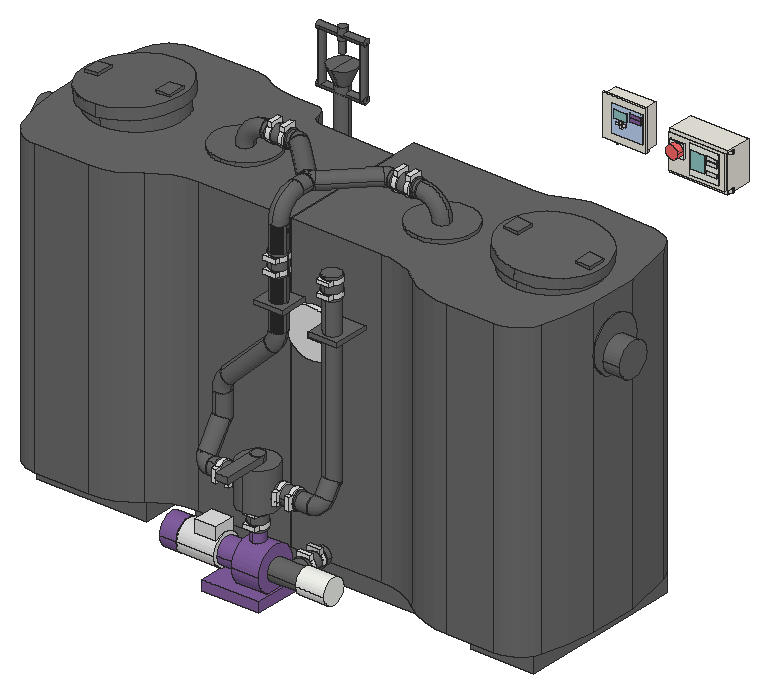
Revit family "93010.02_ms", category Generic Models, Revit 2021 (continued)
Definition of nested family "93010.02_ms_part3_X0Y0"
  Definition of nested family "93010.02_ms_part3_content"
    Forms (mm)
      Extrusion 45, solid, detail levels medium+fine
        sketch origin (-110, 374, 1253) x (0, -1, 0) y (-1, 0, 0)
          loop
            circle (0, 0) r 31.5
        from 0 to 85.5
      Extrusion 46, solid, detail levels medium+fine
        sketch origin (-419.95, 373.5, 1659.31) x (0, 1, 0) y (0, 0, 1)
          loop
            circle (0, 0) r 15
        from 0 to 230
      Extrusion 47, solid, detail levels medium+fine
        sketch origin (-204.95, 373.5, 1908.31) x (1, 0, 0) y (0, -1, 0)
          loop
            circle (0, 0) r 15
        from 0 to 249
      Extrusion 48, solid, detail levels medium+fine
        sketch origin (-420, 373.4, 1908.2) x (0, 1, 0) y (0, 0, 1)
          loop
            circle (0, 0) r 15
        from 0 to 230
      Extrusion 49, solid, detail levels medium+fine
        sketch origin (-305, 374, 1885.9) x (1, 0, 0) y (0, 1, 0)
          loop
            circle (0, 0) r 19.25
        from 0 to 52
      Extrusion 50, solid, detail levels medium+fine
        sketch origin (-305, 374, 1827.9) x (1, 0, 0) y (0, 1, 0)
          loop
            circle (0, 0) r 14
        from 0 to 58
      Extrusion 51, solid, detail levels medium+fine
        sketch origin (-405, 373.4, 1908.2) x (1, 0, 0) y (0, -1, 0)
          loop
            circle (0, 0) r 15
        from 0 to 249
      Revolve 52, solid, detail levels medium+fine
        sketch origin (-305, 374, 1694.6) x (0, 0, 1) y (0, 1, 0)
          loop
            line (0, 0) -> (81, 0) -> (81, 65) -> (0, 31) -> (0, 0)
          axis (81, 0) -> (0, 0)
        angle from -360 to 0
      Extrusion 53, solid, detail levels medium+fine
        sketch origin (-975.47, 0, 1292.37) x (0, -1, 0) y (0.996195, 0, 0.087156)
          loop
            circle (0, 0) r 211
        from 0 to 281.6
      Extrusion 54, solid, detail levels medium+fine
        sketch origin (-1000, 0, 1572.8) x (0, -1, 0) y (0.996195, 0, 0.087156)
          loop
            circle (0, 0) r 233
        from 0 to 51.1
      Extrusion 55, solid, detail levels medium+fine
        sketch origin (-865.07, -41, 1635.8) x (0, 1, 0) y (-0.087156, 0, 0.996195)
          loop
            line (0, 12) -> (0, 0) -> (82, 0) -> (82, 12) -> (0, 12)
        from 0 to 66
      Extrusion 56, solid, detail levels medium+fine
        sketch origin (-1144, 41, 1611.4) x (0, -1, 0) y (-0.087156, 0, 0.996195)
          loop
            line (0, 12) -> (0, 0) -> (82, 0) -> (82, 12) -> (0, 12)
        from 0 to 66
      Extrusion 57, solid, detail levels medium+fine
        sketch origin (976.47, 0, 1292.37) x (0, 1, 0) y (-0.996195, 0, 0.087156)
          loop
            circle (0, 0) r 211
        from 0 to 281.6
      Extrusion 58, solid, detail levels medium+fine
        sketch origin (1001, 0, 1572.8) x (0, 1, 0) y (-0.996195, 0, 0.087156)
          loop
            circle (0, 0) r 233
        from 0 to 51.1
      Extrusion 59, solid, detail levels medium+fine
        sketch origin (866.07, 41, 1635.8) x (0, -1, 0) y (0.087156, 0, 0.996195)
          loop
            line (0, 12) -> (0, 0) -> (82, 0) -> (82, 12) -> (0, 12)
        from 0 to 66
      Extrusion 60, solid, detail levels medium+fine
        sketch origin (1145, -41, 1611.4) x (0, 1, 0) y (0.087156, 0, 0.996195)
          loop
            line (0, 12) -> (0, 0) -> (82, 0) -> (82, 12) -> (0, 12)
        from 0 to 66
      Extrusion 61, solid, detail levels medium+fine
        sketch origin (471.25, 0, 1525) x (0, 1, 0) y (-1, 0, 0)
          loop
            circle (0, 0) r 148.5
        from 0 to 15
      Revolve 62, solid, detail levels medium+fine
        sketch origin (471.25, 0, 1540) x (-1, 0, 0) y (0, -1, 0)
          loop
            circle (0, 0) r 37
          axis (100, 0) -> (100, -1)
        angle from -90 to 0
      Extrusion 63, solid, detail levels medium+fine
        sketch origin (-471.25, 0, 1525) x (0, 1, 0) y (-1, 0, 0)
          loop
            circle (0, 0) r 148.5
        from 0 to 15
      Revolve 64, solid, detail levels medium+fine
        sketch origin (-471.25, 0, 1540) x (1, 0, 0) y (0, 1, 0)
          loop
            circle (0, 0) r 37
          axis (100, 0) -> (100, -1)
        angle from -90 to 0
      Extrusion 65, solid, detail levels medium+fine
        sketch origin (-110, 314, 1313.5) x (0, 0, -1) y (1, 0, 0)
          loop
            circle (0, 0) r 31.5
        from 0 to 11
      Revolve 66, solid, detail levels medium+fine
        sketch origin (-110, 314, 1313.5) x (0, 0, -1) y (-1, 0, 0)
          loop
            circle (0, 0) r 31.5
          axis (60, 0) -> (60, -1)
        angle from -90 to 0
      Extrusion 67, solid, detail levels medium+fine
        sketch origin (-1281.8, 0, 1293) x (0, -1, 0) y (0, 0, 1)
          loop
            circle (0, 0) r 126.5
        from 0 to 21
      Extrusion 68, solid, detail levels medium+fine
        sketch origin (-1302.8, 0, 1336) x (0, -1, 0) y (0, 0, 1)
          loop
            circle (0, 0) r 80
        from 0 to 137.5
      Extrusion 69, solid, detail levels medium+fine
        sketch origin (1281.7, 0, 1305) x (0, 1, 0) y (0, 0, 1)
          loop
            circle (0, 0) r 126.5
        from 0 to 21
      Extrusion 70, solid, detail levels medium+fine
        sketch origin (1302.7, 0, 1265) x (0, 1, 0) y (0, 0, 1)
          loop
            circle (0, 0) r 80
        from 0 to 84.5
      Extrusion 71, solid, detail levels medium+fine
        sketch origin (0, -391, 1080.43) x (0, 1, 0) y (-1, 0, 0)
          loop
            circle (0, 0) r 37.5
        from 0 to 459.5
      Extrusion 72, solid, detail levels medium+fine
        sketch origin (0, -391, 1331.5) x (0, 1, 0) y (-1, 0, 0)
          loop
            circle (0, 0) r 45
        from 0 to 20
      Extrusion 73, solid, detail levels medium+fine
        sketch origin (0, -391, 1321.5) x (0, 1, 0) y (-1, 0, 0)
          loop
            circle (0, 0) r 42
        from 0 to 100
      Extrusion 74, solid, detail levels medium+fine
        sketch origin (0, -391, 1391.5) x (0, 1, 0) y (-1, 0, 0)
          loop
            circle (0, 0) r 45
        from 0 to 20
      Extrusion 75, solid, detail levels medium+fine
        sketch origin (-30, -422, 1351.5) x (0, 0, -1) y (1, 0, 0)
          loop
            line (0, 60) -> (0, 0) -> (20, 0) -> (20, 60) -> (0, 60)
        from 0 to 25
      Extrusion 76, solid, detail levels medium+fine
        sketch origin (-30, -422, 1411.5) x (0, 0, -1) y (1, 0, 0)
          loop
            line (0, 60) -> (0, 0) -> (20, 0) -> (20, 60) -> (0, 60)
        from 0 to 25
      Revolve 77, solid, detail levels medium+fine
        sketch origin (0, -391, 1539.9) x (0, 1, 0) y (-1, 0, 0)
          loop
            circle (0, 0) r 37.5
          axis (100, 0) -> (100, -1)
        angle from -90 to 0
      Extrusion 78, solid, detail levels medium+fine
        sketch origin (884.5, -347.5, 0) x (0, 1, 0) y (0, 0, 1)
          loop
            line (0, 115) -> (0, 0) -> (792, 0) -> (792, 115) -> (0, 115)
        from 0 to 306.5
      Extrusion 79, solid, detail levels medium+fine
        sketch origin (154.75, -514, 135) x (-1, 0, 0) y (0, 0, 1)
          loop
            circle (0, 0) r 40
        from 0 to 196
      Extrusion 80, solid, detail levels medium+fine
        sketch origin (154.75, -355.5, 135) x (0, 0, -1) y (1, 0, 0)
          loop
            circle (0, 0) r 45
        from 0 to 20
      Extrusion 81, solid, detail levels medium+fine
        sketch origin (154.75, -345.5, 135) x (0, 0, -1) y (1, 0, 0)
          loop
            circle (0, 0) r 42
        from 0 to 100
      Extrusion 82, solid, detail levels medium+fine
        sketch origin (184.75, -375.5, 166) x (0, 1, 0) y (-1, 0, 0)
          loop
            line (0, 60) -> (0, 0) -> (20, 0) -> (20, 60) -> (0, 60)
        from 0 to 25
      Extrusion 83, solid, detail levels medium+fine
        sketch origin (154.75, -415.5, 135) x (0, 0, -1) y (1, 0, 0)
          loop
            circle (0, 0) r 45
        from 0 to 20
      Extrusion 84, solid, detail levels medium+fine
        sketch origin (184.75, -435.5, 166) x (0, 1, 0) y (-1, 0, 0)
          loop
            line (0, 60) -> (0, 0) -> (20, 0) -> (20, 60) -> (0, 60)
        from 0 to 25
      Extrusion 85, solid, detail levels medium+fine
        sketch origin (82.5, -514, 135) x (0, 1, 0) y (0, 0, 1)
          loop
            circle (0, 0) r 50
        from 0 to 144.5
      Extrusion 86, solid, detail levels medium+fine
        sketch origin (-47, -514, 135) x (0, 1, 0) y (0, 0, 1)
          loop
            circle (0, 0) r 101
        from 0 to 129.5
      Extrusion 87, solid, detail levels medium+fine
        sketch origin (0, -514, 284) x (-1, 0, 0) y (0, 1, 0)
          loop
            circle (0, 0) r 31.5
        from 0 to 149
      Extrusion 88, solid, detail levels medium+fine
        sketch origin (-152, -514, 135) x (0, 1, 0) y (0, 0, 1)
          loop
            circle (0, 0) r 60
        from 0 to 105
      Extrusion 89, solid, detail levels medium+fine
        sketch origin (97.5, -400, 0) x (0, -1, 0) y (0, 0, 1)
          loop
            line (0, 48) -> (0, 0) -> (230, 0) -> (230, 48) -> (0, 48)
        from 0 to 272
      Extrusion 90, solid, detail levels medium+fine
        sketch origin (0, -514, 284) x (0, 1, 0) y (-1, 0, 0)
          loop
            circle (0, 0) r 42
        from 0 to 100
      Extrusion 91, solid, detail levels medium+fine
        sketch origin (0, -514, 294) x (0, 1, 0) y (-1, 0, 0)
          loop
            circle (0, 0) r 45
        from 0 to 20
      Extrusion 92, solid, detail levels medium+fine
        sketch origin (0, -514, 354) x (0, 1, 0) y (-1, 0, 0)
          loop
            circle (0, 0) r 45
        from 0 to 20
      Extrusion 93, solid, detail levels medium+fine
        sketch origin (-30, -545, 314) x (0, 0, -1) y (1, 0, 0)
          loop
            line (0, 60) -> (0, 0) -> (20, 0) -> (20, 60) -> (0, 60)
        from 0 to 25
      Extrusion 94, solid, detail levels medium+fine
        sketch origin (-30, -545, 374) x (0, 0, -1) y (1, 0, 0)
          loop
            line (0, 60) -> (0, 0) -> (20, 0) -> (20, 60) -> (0, 60)
        from 0 to 25
      Extrusion 95, solid, detail levels medium+fine
        sketch origin (227, -514, 135) x (0, 1, 0) y (0, 0, 1)
          loop
            circle (0, 0) r 58.5
        from 0 to 135.5
      Extrusion 96, solid, detail levels medium+fine
        sketch origin (-333, -514, 135) x (0, 1, 0) y (0, 0, 1)
          loop
            circle (0, 0) r 74
        from 0 to 181
      Extrusion 97, solid, detail levels medium+fine
        sketch origin (-262, -564.5, 188.5) x (0, 1, 0) y (0, 0, 1)
          loop
            line (0, 60) -> (0, 0) -> (100, 0) -> (100, 60) -> (0, 60)
        from 0 to 100
      Extrusion 98, solid, detail levels medium+fine
        sketch origin (-413, -514, 135) x (0, 1, 0) y (0, 0, 1)
          loop
            circle (0, 0) r 73.5
        from 0 to 80
      Extrusion 99, solid, detail levels medium+fine
        sketch origin (0, -291, 1639.9) x (-1, 0, 0) y (0, 0, 1)
          loop
            circle (0, 0) r 37.5
        from 0 to 57.5
      Revolve 100, solid, detail levels medium+fine
        sketch origin (0, -233.5, 1640) x (-1, 0, 0) y (0, 0, 1)
          loop
            circle (0, 0) r 37.5
          axis (45, 0) -> (45, -1)
        angle from -45 to 0
      Revolve 101, solid, detail levels medium+fine
        sketch origin (0, -230.5, 1640) x (1, 0, 0) y (0, 0, -1)
          loop
            circle (0, 0) r 37
          axis (45, 0) -> (45, -1)
        angle from -50 to 0
      Extrusion 102, solid, detail levels medium+fine
        sketch origin (-13.5, -201.6, 1640) x (-0.707107, -0.707107, 0) y (0, 0, 1)
          loop
            circle (0, 0) r 37.5
        from 0 to 267.5
      Revolve 103, solid, detail levels medium+fine
        sketch origin (-201.9, -12.9, 1640) x (-0.707107, -0.707107, 0) y (0, 0, 1)
          loop
            circle (0, 0) r 37
          axis (45, 0) -> (45, -1)
        angle from -45 to 0
      Extrusion 104, solid, detail levels medium+fine
        sketch origin (13.5, -200, 1640) x (-0.707107, 0.707107, 0) y (0, 0, 1)
          loop
            circle (0, 0) r 36
        from 0 to 267.5
      Revolve 105, solid, detail levels medium+fine
        sketch origin (201.9, -12.88, 1640) x (0.707107, -0.707107, 0) y (0, 0, -1)
          loop
            circle (0, 0) r 37
          axis (45, 0) -> (45, -1)
        angle from -45 to 0
      Extrusion 106, solid, detail levels medium+fine
        sketch origin (-233.77, 0.27, 1640) x (0, -1, 0) y (0, 0, 1)
          loop
            circle (0, 0) r 37.5
        from 0 to 137.5
      Extrusion 107, solid, detail levels medium+fine
        sketch origin (-251, 0.5, 1640) x (0, 0, -1) y (0, -1, 0)
          loop
            circle (0, 0) r 42
        from 0 to 100
      Extrusion 108, solid, detail levels medium+fine
        sketch origin (-261, 0.5, 1640) x (0, 0, -1) y (0, -1, 0)
          loop
            circle (0, 0) r 45
        from 0 to 20
      Extrusion 109, solid, detail levels medium+fine
        sketch origin (-321, 0.5, 1640) x (0, 0, -1) y (0, -1, 0)
          loop
            circle (0, 0) r 45
        from 0 to 20
      Extrusion 110, solid, detail levels medium+fine
        sketch origin (-341, -29.5, 1671) x (1, 0, 0) y (0, 1, 0)
          loop
            line (0, 60) -> (0, 0) -> (20, 0) -> (20, 60) -> (0, 60)
        from 0 to 25
      Extrusion 111, solid, detail levels medium+fine
        sketch origin (-281, -29.5, 1671) x (1, 0, 0) y (0, 1, 0)
          loop
            line (0, 60) -> (0, 0) -> (20, 0) -> (20, 60) -> (0, 60)
        from 0 to 25
      Extrusion 112, solid, detail levels medium+fine
        sketch origin (233.8, 0.3, 1640) x (0, -1, 0) y (0, 0, -1)
          loop
            circle (0, 0) r 37.5
        from 0 to 137.5
      Extrusion 113, solid, detail levels medium+fine
        sketch origin (263, 0.5, 1640) x (0, 0, -1) y (0, 1, 0)
          loop
            circle (0, 0) r 45
        from 0 to 20
      Extrusion 114, solid, detail levels medium+fine
        sketch origin (253, 0.5, 1640) x (0, 0, -1) y (0, 1, 0)
          loop
            circle (0, 0) r 42
        from 0 to 100
      Extrusion 115, solid, detail levels medium+fine
        sketch origin (323, 0.5, 1640) x (0, 0, -1) y (0, 1, 0)
          loop
            circle (0, 0) r 45
        from 0 to 20
      Extrusion 116, solid, detail levels medium+fine
        sketch origin (343, 30.5, 1671) x (-1, 0, 0) y (0, -1, 0)
          loop
            line (0, 60) -> (0, 0) -> (20, 0) -> (20, 60) -> (0, 60)
        from 0 to 25
      Extrusion 117, solid, detail levels medium+fine
        sketch origin (283, 30.5, 1671) x (-1, 0, 0) y (0, -1, 0)
          loop
            line (0, 60) -> (0, 0) -> (20, 0) -> (20, 60) -> (0, 60)
        from 0 to 25
      Extrusion 118, solid, detail levels coarse
        sketch origin (-26.55, -126.1, 0) x (1, 0, 0) y (0, 1, 0)
          loop
            line (-1413.75, -603.9) -> (1413.75, -603.9) -> (1413.75, 603.9) -> (-1413.75, 603.9) -> (-1413.75, -603.9)
        from 0 to 1937.9
    Dimensions and locks
      aligned and locked: level to plane 2
